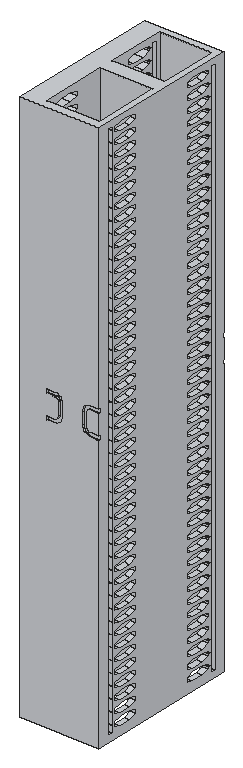
Revit family
Parameters
  Material ID = "760089367\r\n"
  Description = "Vertical Cable Management Kit, 10in X 84in (254mm X 2134mm) Double Sided, With Doors, Black"
Reference planes (in)
  plane 1 "Center (Front/Back)": y = 0
  plane 2: z = 0
  plane 3 "Center (Left/Right)": x = 0
Forms (in)
  Extrusion 1, void, not visible
    sketch origin (0, 0, 0) x (1, 0, 0) y (0, 0, 1)
      loop
        line (-7.85662, 0.48089) -> (-7.85662, -0.39002) -> (-7.67285, -0.39002) -> (-7.67285, -0.64002) -> (-7.0736, -0.64002) -> (-7.0736, -0.39002) -> (-6.92978, -0.39002) -> (-6.92978, 0.48089) -> (-7.85662, 0.48089)
    from -3.79215 to 12
  Extrusion 2, void, not visible
    sketch origin (0, 0, 0) x (1, 0, 0) y (0, 0, 1)
      loop
        line (-8.21397, 0.42583) -> (-8.21397, -0.07417) -> (-8.08657, -0.07417) -> (-8.08657, -0.27417) -> (-7.83657, -0.27417) -> (-7.83657, -0.07417) -> (-7.72497, -0.07417) -> (-7.72497, 0.42583) -> (-8.21397, 0.42583)
    from 0.74059 to 3.34334
  Extrusion 3, solid
    sketch origin (0, 0, 0) x (1, 0, 0) y (0, 0, 1)
      loop
        line (-8, 42) -> (-8, -42) -> (4, -42) -> (4, 42) -> (-8, 42)
    from 0 to 23.5
  Extrusion 4, void
    sketch origin (-5.59283, 0, 42) x (0, 1, 0) y (1, 0, 0)
      loop
        line (-1, 0.69283) -> (-1, 8.74283) -> (-10, 8.74283) -> (-10, 0.69283) -> (-1, 0.69283)
      loop
        line (-12.25, 0.69283) -> (-12.25, 8.74283) -> (-22.25, 8.74283) -> (-22.25, 0.69283) -> (-12.25, 0.69283)
    from 0 to 110
  Extrusion 5, void
    sketch origin (4, 0, 20.63333) x (0, 0, 1) y (0, 1, 0)
      loop
        line (-61.63333, -2.51) -> (20.53667, -2.51) -> (20.53667, -1.54) -> (-61.63333, -1.54) -> (-61.63333, -2.51)
      loop
        line (-61.63333, -20.99) -> (-61.63333, -21.96) -> (20.53667, -21.96) -> (20.53667, -20.99) -> (-61.63333, -20.99)
    from 0 to 12
  Extrusion 6, void
    sketch origin (4, 0, 20.63333) x (0, 0, 1) y (0, 1, 0)
      loop
        line (20.18661, -6.98) -> (20.53667, -5.835) -> (20.53667, -4.905) -> (20.53667, -3.975) -> (20.18661, -2.83) -> (19.91167, -2.83) -> (19.91167, -2.2587) -> (19.81167, -2.2587) -> (19.81167, -2.83) -> (19.53673, -2.83) -> (19.18667, -3.975) -> (19.18667, -5.835) -> (19.53673, -6.98) -> (20.18661, -6.98)
      loop
        line (18.43661, -6.98) -> (18.78667, -5.835) -> (18.78667, -4.905) -> (18.78667, -3.975) -> (18.43661, -2.83) -> (18.16167, -2.83) -> (18.16167, -2.2587) -> (18.06167, -2.2587) -> (18.06167, -2.83) -> (17.78673, -2.83) -> (17.43667, -3.975) -> (17.43667, -5.835) -> (17.78673, -6.98) -> (18.43661, -6.98)
      loop
        line (16.68661, -6.98) -> (17.03667, -5.835) -> (17.03667, -4.905) -> (17.03667, -3.975) -> (16.68661, -2.83) -> (16.41167, -2.83) -> (16.41167, -2.2587) -> (16.31167, -2.2587) -> (16.31167, -2.83) -> (16.03673, -2.83) -> (15.68667, -3.975) -> (15.68667, -5.835) -> (16.03673, -6.98) -> (16.68661, -6.98)
      loop
        line (14.93661, -6.98) -> (15.28667, -5.835) -> (15.28667, -4.905) -> (15.28667, -3.975) -> (14.93661, -2.83) -> (14.66167, -2.83) -> (14.66167, -2.2587) -> (14.56167, -2.2587) -> (14.56167, -2.83) -> (14.28673, -2.83) -> (13.93667, -3.975) -> (13.93667, -5.835) -> (14.28673, -6.98) -> (14.93661, -6.98)
      loop
        line (13.18661, -6.98) -> (13.53667, -5.835) -> (13.53667, -4.905) -> (13.53667, -3.975) -> (13.18661, -2.83) -> (12.91167, -2.83) -> (12.91167, -2.2587) -> (12.81167, -2.2587) -> (12.81167, -2.83) -> (12.53673, -2.83) -> (12.18667, -3.975) -> (12.18667, -5.835) -> (12.53673, -6.98) -> (13.18661, -6.98)
      loop
        line (11.43661, -6.98) -> (11.78667, -5.835) -> (11.78667, -4.905) -> (11.78667, -3.975) -> (11.43661, -2.83) -> (11.16167, -2.83) -> (11.16167, -2.2587) -> (11.06167, -2.2587) -> (11.06167, -2.83) -> (10.78673, -2.83) -> (10.43667, -3.975) -> (10.43667, -5.835) -> (10.78673, -6.98) -> (11.43661, -6.98)
      loop
        line (9.68661, -6.98) -> (10.03667, -5.835) -> (10.03667, -4.905) -> (10.03667, -3.975) -> (9.68661, -2.83) -> (9.41167, -2.83) -> (9.41167, -2.2587) -> (9.31167, -2.2587) -> (9.31167, -2.83) -> (9.03673, -2.83) -> (8.68667, -3.975) -> (8.68667, -5.835) -> (9.03673, -6.98) -> (9.68661, -6.98)
      loop
        line (7.93661, -6.98) -> (8.28667, -5.835) -> (8.28667, -4.905) -> (8.28667, -3.975) -> (7.93661, -2.83) -> (7.66167, -2.83) -> (7.66167, -2.2587) -> (7.56167, -2.2587) -> (7.56167, -2.83) -> (7.28673, -2.83) -> (6.93667, -3.975) -> (6.93667, -5.835) -> (7.28673, -6.98) -> (7.93661, -6.98)
      loop
        line (6.18661, -6.98) -> (6.53667, -5.835) -> (6.53667, -4.905) -> (6.53667, -3.975) -> (6.18661, -2.83) -> (5.91167, -2.83) -> (5.91167, -2.2587) -> (5.81167, -2.2587) -> (5.81167, -2.83) -> (5.53673, -2.83) -> (5.18667, -3.975) -> (5.18667, -5.835) -> (5.53673, -6.98) -> (6.18661, -6.98)
      loop
        line (4.43661, -6.98) -> (4.78667, -5.835) -> (4.78667, -4.905) -> (4.78667, -3.975) -> (4.43661, -2.83) -> (4.16167, -2.83) -> (4.16167, -2.2587) -> (4.06167, -2.2587) -> (4.06167, -2.83) -> (3.78673, -2.83) -> (3.43667, -3.975) -> (3.43667, -5.835) -> (3.78673, -6.98) -> (4.43661, -6.98)
      loop
        line (2.68661, -6.98) -> (3.03667, -5.835) -> (3.03667, -4.905) -> (3.03667, -3.975) -> (2.68661, -2.83) -> (2.41167, -2.83) -> (2.41167, -2.2587) -> (2.31167, -2.2587) -> (2.31167, -2.83) -> (2.03673, -2.83) -> (1.68667, -3.975) -> (1.68667, -5.835) -> (2.03673, -6.98) -> (2.68661, -6.98)
      loop
        line (0.93661, -6.98) -> (1.28667, -5.835) -> (1.28667, -4.905) -> (1.28667, -3.975) -> (0.93661, -2.83) -> (0.66167, -2.83) -> (0.66167, -2.2587) -> (0.56167, -2.2587) -> (0.56167, -2.83) -> (0.28673, -2.83) -> (-0.06333, -3.975) -> (-0.06333, -5.835) -> (0.28673, -6.98) -> (0.93661, -6.98)
      loop
        line (-0.81339, -6.98) -> (-0.46333, -5.835) -> (-0.46333, -4.905) -> (-0.46333, -3.975) -> (-0.81339, -2.83) -> (-1.08833, -2.83) -> (-1.08833, -2.2587) -> (-1.18833, -2.2587) -> (-1.18833, -2.83) -> (-1.46327, -2.83) -> (-1.81333, -3.975) -> (-1.81333, -5.835) -> (-1.46327, -6.98) -> (-0.81339, -6.98)
      loop
        line (-2.56339, -6.98) -> (-2.21333, -5.835) -> (-2.21333, -4.905) -> (-2.21333, -3.975) -> (-2.56339, -2.83) -> (-2.83833, -2.83) -> (-2.83833, -2.2587) -> (-2.93833, -2.2587) -> (-2.93833, -2.83) -> (-3.21327, -2.83) -> (-3.56333, -3.975) -> (-3.56333, -5.835) -> (-3.21327, -6.98) -> (-2.56339, -6.98)
      loop
        line (-4.31339, -6.98) -> (-3.96333, -5.835) -> (-3.96333, -4.905) -> (-3.96333, -3.975) -> (-4.31339, -2.83) -> (-4.58833, -2.83) -> (-4.58833, -2.2587) -> (-4.68833, -2.2587) -> (-4.68833, -2.83) -> (-4.96327, -2.83) -> (-5.31333, -3.975) -> (-5.31333, -5.835) -> (-4.96327, -6.98) -> (-4.31339, -6.98)
      loop
        line (-6.06339, -6.98) -> (-5.71333, -5.835) -> (-5.71333, -4.905) -> (-5.71333, -3.975) -> (-6.06339, -2.83) -> (-6.33833, -2.83) -> (-6.33833, -2.2587) -> (-6.43833, -2.2587) -> (-6.43833, -2.83) -> (-6.71327, -2.83) -> (-7.06333, -3.975) -> (-7.06333, -5.835) -> (-6.71327, -6.98) -> (-6.06339, -6.98)
      loop
        line (-7.81339, -6.98) -> (-7.46333, -5.835) -> (-7.46333, -4.905) -> (-7.46333, -3.975) -> (-7.81339, -2.83) -> (-8.08833, -2.83) -> (-8.08833, -2.2587) -> (-8.18833, -2.2587) -> (-8.18833, -2.83) -> (-8.46327, -2.83) -> (-8.81333, -3.975) -> (-8.81333, -5.835) -> (-8.46327, -6.98) -> (-7.81339, -6.98)
      loop
        line (-9.56339, -6.98) -> (-9.21333, -5.835) -> (-9.21333, -4.905) -> (-9.21333, -3.975) -> (-9.56339, -2.83) -> (-9.83833, -2.83) -> (-9.83833, -2.2587) -> (-9.93833, -2.2587) -> (-9.93833, -2.83) -> (-10.21327, -2.83) -> (-10.56333, -3.975) -> (-10.56333, -5.835) -> (-10.21327, -6.98) -> (-9.56339, -6.98)
      loop
        line (-11.31339, -6.98) -> (-10.96333, -5.835) -> (-10.96333, -4.905) -> (-10.96333, -3.975) -> (-11.31339, -2.83) -> (-11.58833, -2.83) -> (-11.58833, -2.2587) -> (-11.68833, -2.2587) -> (-11.68833, -2.83) -> (-11.96327, -2.83) -> (-12.31333, -3.975) -> (-12.31333, -5.835) -> (-11.96327, -6.98) -> (-11.31339, -6.98)
      loop
        line (-13.06339, -6.98) -> (-12.71333, -5.835) -> (-12.71333, -4.905) -> (-12.71333, -3.975) -> (-13.06339, -2.83) -> (-13.33833, -2.83) -> (-13.33833, -2.2587) -> (-13.43833, -2.2587) -> (-13.43833, -2.83) -> (-13.71327, -2.83) -> (-14.06333, -3.975) -> (-14.06333, -5.835) -> (-13.71327, -6.98) -> (-13.06339, -6.98)
      loop
        line (-14.81339, -6.98) -> (-14.46333, -5.835) -> (-14.46333, -4.905) -> (-14.46333, -3.975) -> (-14.81339, -2.83) -> (-15.08833, -2.83) -> (-15.08833, -2.2587) -> (-15.18833, -2.2587) -> (-15.18833, -2.83) -> (-15.46327, -2.83) -> (-15.81333, -3.975) -> (-15.81333, -5.835) -> (-15.46327, -6.98) -> (-14.81339, -6.98)
      loop
        line (-16.56339, -6.98) -> (-16.21333, -5.835) -> (-16.21333, -4.905) -> (-16.21333, -3.975) -> (-16.56339, -2.83) -> (-16.83833, -2.83) -> (-16.83833, -2.2587) -> (-16.93833, -2.2587) -> (-16.93833, -2.83) -> (-17.21327, -2.83) -> (-17.56333, -3.975) -> (-17.56333, -5.835) -> (-17.21327, -6.98) -> (-16.56339, -6.98)
      loop
        line (-18.31339, -6.98) -> (-17.96333, -5.835) -> (-17.96333, -4.905) -> (-17.96333, -3.975) -> (-18.31339, -2.83) -> (-18.58833, -2.83) -> (-18.58833, -2.2587) -> (-18.68833, -2.2587) -> (-18.68833, -2.83) -> (-18.96327, -2.83) -> (-19.31333, -3.975) -> (-19.31333, -5.835) -> (-18.96327, -6.98) -> (-18.31339, -6.98)
      loop
        line (-20.06339, -6.98) -> (-19.71333, -5.835) -> (-19.71333, -4.905) -> (-19.71333, -3.975) -> (-20.06339, -2.83) -> (-20.33833, -2.83) -> (-20.33833, -2.2587) -> (-20.43833, -2.2587) -> (-20.43833, -2.83) -> (-20.71327, -2.83) -> (-21.06333, -3.975) -> (-21.06333, -5.835) -> (-20.71327, -6.98) -> (-20.06339, -6.98)
      loop
        line (-21.81339, -6.98) -> (-21.46333, -5.835) -> (-21.46333, -4.905) -> (-21.46333, -3.975) -> (-21.81339, -2.83) -> (-22.08833, -2.83) -> (-22.08833, -2.2587) -> (-22.18833, -2.2587) -> (-22.18833, -2.83) -> (-22.46327, -2.83) -> (-22.81333, -3.975) -> (-22.81333, -5.835) -> (-22.46327, -6.98) -> (-21.81339, -6.98)
      loop
        line (-23.56339, -6.98) -> (-23.21333, -5.835) -> (-23.21333, -4.905) -> (-23.21333, -3.975) -> (-23.56339, -2.83) -> (-23.83833, -2.83) -> (-23.83833, -2.2587) -> (-23.93833, -2.2587) -> (-23.93833, -2.83) -> (-24.21327, -2.83) -> (-24.56333, -3.975) -> (-24.56333, -5.835) -> (-24.21327, -6.98) -> (-23.56339, -6.98)
      loop
        line (-25.31339, -6.98) -> (-24.96333, -5.835) -> (-24.96333, -4.905) -> (-24.96333, -3.975) -> (-25.31339, -2.83) -> (-25.58833, -2.83) -> (-25.58833, -2.2587) -> (-25.68833, -2.2587) -> (-25.68833, -2.83) -> (-25.96327, -2.83) -> (-26.31333, -3.975) -> (-26.31333, -5.835) -> (-25.96327, -6.98) -> (-25.31339, -6.98)
      loop
        line (-27.06339, -6.98) -> (-26.71333, -5.835) -> (-26.71333, -4.905) -> (-26.71333, -3.975) -> (-27.06339, -2.83) -> (-27.33833, -2.83) -> (-27.33833, -2.2587) -> (-27.43833, -2.2587) -> (-27.43833, -2.83) -> (-27.71327, -2.83) -> (-28.06333, -3.975) -> (-28.06333, -5.835) -> (-27.71327, -6.98) -> (-27.06339, -6.98)
      loop
        line (-28.81339, -6.98) -> (-28.46333, -5.835) -> (-28.46333, -4.905) -> (-28.46333, -3.975) -> (-28.81339, -2.83) -> (-29.08833, -2.83) -> (-29.08833, -2.2587) -> (-29.18833, -2.2587) -> (-29.18833, -2.83) -> (-29.46327, -2.83) -> (-29.81333, -3.975) -> (-29.81333, -5.835) -> (-29.46327, -6.98) -> (-28.81339, -6.98)
      loop
        line (-30.56339, -6.98) -> (-30.21333, -5.835) -> (-30.21333, -4.905) -> (-30.21333, -3.975) -> (-30.56339, -2.83) -> (-30.83833, -2.83) -> (-30.83833, -2.2587) -> (-30.93833, -2.2587) -> (-30.93833, -2.83) -> (-31.21327, -2.83) -> (-31.56333, -3.975) -> (-31.56333, -5.835) -> (-31.21327, -6.98) -> (-30.56339, -6.98)
      loop
        line (-32.31339, -6.98) -> (-31.96333, -5.835) -> (-31.96333, -4.905) -> (-31.96333, -3.975) -> (-32.31339, -2.83) -> (-32.58833, -2.83) -> (-32.58833, -2.2587) -> (-32.68833, -2.2587) -> (-32.68833, -2.83) -> (-32.96327, -2.83) -> (-33.31333, -3.975) -> (-33.31333, -5.835) -> (-32.96327, -6.98) -> (-32.31339, -6.98)
      loop
        line (-34.06339, -6.98) -> (-33.71333, -5.835) -> (-33.71333, -4.905) -> (-33.71333, -3.975) -> (-34.06339, -2.83) -> (-34.33833, -2.83) -> (-34.33833, -2.2587) -> (-34.43833, -2.2587) -> (-34.43833, -2.83) -> (-34.71327, -2.83) -> (-35.06333, -3.975) -> (-35.06333, -5.835) -> (-34.71327, -6.98) -> (-34.06339, -6.98)
      loop
        line (-35.81339, -6.98) -> (-35.46333, -5.835) -> (-35.46333, -4.905) -> (-35.46333, -3.975) -> (-35.81339, -2.83) -> (-36.08833, -2.83) -> (-36.08833, -2.2587) -> (-36.18833, -2.2587) -> (-36.18833, -2.83) -> (-36.46327, -2.83) -> (-36.81333, -3.975) -> (-36.81333, -5.835) -> (-36.46327, -6.98) -> (-35.81339, -6.98)
      loop
        line (-37.56339, -6.98) -> (-37.21333, -5.835) -> (-37.21333, -4.905) -> (-37.21333, -3.975) -> (-37.56339, -2.83) -> (-37.83833, -2.83) -> (-37.83833, -2.2587) -> (-37.93833, -2.2587) -> (-37.93833, -2.83) -> (-38.21327, -2.83) -> (-38.56333, -3.975) -> (-38.56333, -5.835) -> (-38.21327, -6.98) -> (-37.56339, -6.98)
      loop
        line (-39.31339, -6.98) -> (-38.96333, -5.835) -> (-38.96333, -4.905) -> (-38.96333, -3.975) -> (-39.31339, -2.83) -> (-39.58833, -2.83) -> (-39.58833, -2.2587) -> (-39.68833, -2.2587) -> (-39.68833, -2.83) -> (-39.96327, -2.83) -> (-40.31333, -3.975) -> (-40.31333, -5.835) -> (-39.96327, -6.98) -> (-39.31339, -6.98)
      loop
        line (-41.06339, -6.98) -> (-40.71333, -5.835) -> (-40.71333, -4.905) -> (-40.71333, -3.975) -> (-41.06339, -2.83) -> (-41.33833, -2.83) -> (-41.33833, -2.2587) -> (-41.43833, -2.2587) -> (-41.43833, -2.83) -> (-41.71327, -2.83) -> (-42.06333, -3.975) -> (-42.06333, -5.835) -> (-41.71327, -6.98) -> (-41.06339, -6.98)
      loop
        line (-42.81339, -6.98) -> (-42.46333, -5.835) -> (-42.46333, -4.905) -> (-42.46333, -3.975) -> (-42.81339, -2.83) -> (-43.08833, -2.83) -> (-43.08833, -2.2587) -> (-43.18833, -2.2587) -> (-43.18833, -2.83) -> (-43.46327, -2.83) -> (-43.81333, -3.975) -> (-43.81333, -5.835) -> (-43.46327, -6.98) -> (-42.81339, -6.98)
      loop
        line (-44.56339, -6.98) -> (-44.21333, -5.835) -> (-44.21333, -4.905) -> (-44.21333, -3.975) -> (-44.56339, -2.83) -> (-44.83833, -2.83) -> (-44.83833, -2.2587) -> (-44.93833, -2.2587) -> (-44.93833, -2.83) -> (-45.21327, -2.83) -> (-45.56333, -3.975) -> (-45.56333, -5.835) -> (-45.21327, -6.98) -> (-44.56339, -6.98)
      loop
        line (-46.31339, -6.98) -> (-45.96333, -5.835) -> (-45.96333, -4.905) -> (-45.96333, -3.975) -> (-46.31339, -2.83) -> (-46.58833, -2.83) -> (-46.58833, -2.2587) -> (-46.68833, -2.2587) -> (-46.68833, -2.83) -> (-46.96327, -2.83) -> (-47.31333, -3.975) -> (-47.31333, -5.835) -> (-46.96327, -6.98) -> (-46.31339, -6.98)
      loop
        line (-48.06339, -6.98) -> (-47.71333, -5.835) -> (-47.71333, -4.905) -> (-47.71333, -3.975) -> (-48.06339, -2.83) -> (-48.33833, -2.83) -> (-48.33833, -2.2587) -> (-48.43833, -2.2587) -> (-48.43833, -2.83) -> (-48.71327, -2.83) -> (-49.06333, -3.975) -> (-49.06333, -5.835) -> (-48.71327, -6.98) -> (-48.06339, -6.98)
      loop
        line (-49.81339, -6.98) -> (-49.46333, -5.835) -> (-49.46333, -4.905) -> (-49.46333, -3.975) -> (-49.81339, -2.83) -> (-50.08833, -2.83) -> (-50.08833, -2.2587) -> (-50.18833, -2.2587) -> (-50.18833, -2.83) -> (-50.46327, -2.83) -> (-50.81333, -3.975) -> (-50.81333, -5.835) -> (-50.46327, -6.98) -> (-49.81339, -6.98)
      loop
        line (-51.56339, -6.98) -> (-51.21333, -5.835) -> (-51.21333, -4.905) -> (-51.21333, -3.975) -> (-51.56339, -2.83) -> (-51.83833, -2.83) -> (-51.83833, -2.2587) -> (-51.93833, -2.2587) -> (-51.93833, -2.83) -> (-52.21327, -2.83) -> (-52.56333, -3.975) -> (-52.56333, -5.835) -> (-52.21327, -6.98) -> (-51.56339, -6.98)
      loop
        line (-53.31339, -6.98) -> (-52.96333, -5.835) -> (-52.96333, -4.905) -> (-52.96333, -3.975) -> (-53.31339, -2.83) -> (-53.58833, -2.83) -> (-53.58833, -2.2587) -> (-53.68833, -2.2587) -> (-53.68833, -2.83) -> (-53.96327, -2.83) -> (-54.31333, -3.975) -> (-54.31333, -5.835) -> (-53.96327, -6.98) -> (-53.31339, -6.98)
      loop
        line (-55.06339, -6.98) -> (-54.71333, -5.835) -> (-54.71333, -4.905) -> (-54.71333, -3.975) -> (-55.06339, -2.83) -> (-55.33833, -2.83) -> (-55.33833, -2.2587) -> (-55.43833, -2.2587) -> (-55.43833, -2.83) -> (-55.71327, -2.83) -> (-56.06333, -3.975) -> (-56.06333, -5.835) -> (-55.71327, -6.98) -> (-55.06339, -6.98)
      loop
        line (-56.81339, -6.98) -> (-56.46333, -5.835) -> (-56.46333, -4.905) -> (-56.46333, -3.975) -> (-56.81339, -2.83) -> (-57.08833, -2.83) -> (-57.08833, -2.2587) -> (-57.18833, -2.2587) -> (-57.18833, -2.83) -> (-57.46327, -2.83) -> (-57.81333, -3.975) -> (-57.81333, -5.835) -> (-57.46327, -6.98) -> (-56.81339, -6.98)
      loop
        line (-58.56339, -6.98) -> (-58.21333, -5.835) -> (-58.21333, -4.905) -> (-58.21333, -3.975) -> (-58.56339, -2.83) -> (-58.83833, -2.83) -> (-58.83833, -2.2587) -> (-58.93833, -2.2587) -> (-58.93833, -2.83) -> (-59.21327, -2.83) -> (-59.56333, -3.975) -> (-59.56333, -5.835) -> (-59.21327, -6.98) -> (-58.56339, -6.98)
      loop
        line (-60.31339, -6.98) -> (-59.96333, -5.835) -> (-59.96333, -4.905) -> (-59.96333, -3.975) -> (-60.31339, -2.83) -> (-60.58833, -2.83) -> (-60.58833, -2.2587) -> (-60.68833, -2.2587) -> (-60.68833, -2.83) -> (-60.96327, -2.83) -> (-61.31333, -3.975) -> (-61.31333, -5.835) -> (-60.96327, -6.98) -> (-60.31339, -6.98)
      loop
        line (20.18661, -16.52) -> (19.53673, -16.52) -> (19.18667, -17.665) -> (19.18667, -19.525) -> (19.53673, -20.67) -> (19.81167, -20.67) -> (19.81167, -21.2413) -> (19.91167, -21.2413) -> (19.91167, -20.67) -> (20.18661, -20.67) -> (20.53667, -19.525) -> (20.53667, -18.595) -> (20.53667, -17.665) -> (20.18661, -16.52)
      loop
        line (18.43661, -16.52) -> (17.78673, -16.52) -> (17.43667, -17.665) -> (17.43667, -19.525) -> (17.78673, -20.67) -> (18.06167, -20.67) -> (18.06167, -21.2413) -> (18.16167, -21.2413) -> (18.16167, -20.67) -> (18.43661, -20.67) -> (18.78667, -19.525) -> (18.78667, -18.595) -> (18.78667, -17.665) -> (18.43661, -16.52)
      loop
        line (16.68661, -16.52) -> (16.03673, -16.52) -> (15.68667, -17.665) -> (15.68667, -19.525) -> (16.03673, -20.67) -> (16.31167, -20.67) -> (16.31167, -21.2413) -> (16.41167, -21.2413) -> (16.41167, -20.67) -> (16.68661, -20.67) -> (17.03667, -19.525) -> (17.03667, -18.595) -> (17.03667, -17.665) -> (16.68661, -16.52)
      loop
        line (14.93661, -16.52) -> (14.28673, -16.52) -> (13.93667, -17.665) -> (13.93667, -19.525) -> (14.28673, -20.67) -> (14.56167, -20.67) -> (14.56167, -21.2413) -> (14.66167, -21.2413) -> (14.66167, -20.67) -> (14.93661, -20.67) -> (15.28667, -19.525) -> (15.28667, -18.595) -> (15.28667, -17.665) -> (14.93661, -16.52)
      loop
        line (13.18661, -16.52) -> (12.53673, -16.52) -> (12.18667, -17.665) -> (12.18667, -19.525) -> (12.53673, -20.67) -> (12.81167, -20.67) -> (12.81167, -21.2413) -> (12.91167, -21.2413) -> (12.91167, -20.67) -> (13.18661, -20.67) -> (13.53667, -19.525) -> (13.53667, -18.595) -> (13.53667, -17.665) -> (13.18661, -16.52)
      loop
        line (11.43661, -16.52) -> (10.78673, -16.52) -> (10.43667, -17.665) -> (10.43667, -19.525) -> (10.78673, -20.67) -> (11.06167, -20.67) -> (11.06167, -21.2413) -> (11.16167, -21.2413) -> (11.16167, -20.67) -> (11.43661, -20.67) -> (11.78667, -19.525) -> (11.78667, -18.595) -> (11.78667, -17.665) -> (11.43661, -16.52)
      loop
        line (9.68661, -16.52) -> (9.03673, -16.52) -> (8.68667, -17.665) -> (8.68667, -19.525) -> (9.03673, -20.67) -> (9.31167, -20.67) -> (9.31167, -21.2413) -> (9.41167, -21.2413) -> (9.41167, -20.67) -> (9.68661, -20.67) -> (10.03667, -19.525) -> (10.03667, -18.595) -> (10.03667, -17.665) -> (9.68661, -16.52)
      loop
        line (7.93661, -16.52) -> (7.28673, -16.52) -> (6.93667, -17.665) -> (6.93667, -19.525) -> (7.28673, -20.67) -> (7.56167, -20.67) -> (7.56167, -21.2413) -> (7.66167, -21.2413) -> (7.66167, -20.67) -> (7.93661, -20.67) -> (8.28667, -19.525) -> (8.28667, -18.595) -> (8.28667, -17.665) -> (7.93661, -16.52)
      loop
        line (6.18661, -16.52) -> (5.53673, -16.52) -> (5.18667, -17.665) -> (5.18667, -19.525) -> (5.53673, -20.67) -> (5.81167, -20.67) -> (5.81167, -21.2413) -> (5.91167, -21.2413) -> (5.91167, -20.67) -> (6.18661, -20.67) -> (6.53667, -19.525) -> (6.53667, -18.595) -> (6.53667, -17.665) -> (6.18661, -16.52)
      loop
        line (4.43661, -16.52) -> (3.78673, -16.52) -> (3.43667, -17.665) -> (3.43667, -19.525) -> (3.78673, -20.67) -> (4.06167, -20.67) -> (4.06167, -21.2413) -> (4.16167, -21.2413) -> (4.16167, -20.67) -> (4.43661, -20.67) -> (4.78667, -19.525) -> (4.78667, -18.595) -> (4.78667, -17.665) -> (4.43661, -16.52)
      loop
        line (2.68661, -16.52) -> (2.03673, -16.52) -> (1.68667, -17.665) -> (1.68667, -19.525) -> (2.03673, -20.67) -> (2.31167, -20.67) -> (2.31167, -21.2413) -> (2.41167, -21.2413) -> (2.41167, -20.67) -> (2.68661, -20.67) -> (3.03667, -19.525) -> (3.03667, -18.595) -> (3.03667, -17.665) -> (2.68661, -16.52)
      loop
        line (0.93661, -16.52) -> (0.28673, -16.52) -> (-0.06333, -17.665) -> (-0.06333, -19.525) -> (0.28673, -20.67) -> (0.56167, -20.67) -> (0.56167, -21.2413) -> (0.66167, -21.2413) -> (0.66167, -20.67) -> (0.93661, -20.67) -> (1.28667, -19.525) -> (1.28667, -18.595) -> (1.28667, -17.665) -> (0.93661, -16.52)
      loop
        line (-0.81339, -16.52) -> (-1.46327, -16.52) -> (-1.81333, -17.665) -> (-1.81333, -19.525) -> (-1.46327, -20.67) -> (-1.18833, -20.67) -> (-1.18833, -21.2413) -> (-1.08833, -21.2413) -> (-1.08833, -20.67) -> (-0.81339, -20.67) -> (-0.46333, -19.525) -> (-0.46333, -18.595) -> (-0.46333, -17.665) -> (-0.81339, -16.52)
      loop
        line (-2.56339, -16.52) -> (-3.21327, -16.52) -> (-3.56333, -17.665) -> (-3.56333, -19.525) -> (-3.21327, -20.67) -> (-2.93833, -20.67) -> (-2.93833, -21.2413) -> (-2.83833, -21.2413) -> (-2.83833, -20.67) -> (-2.56339, -20.67) -> (-2.21333, -19.525) -> (-2.21333, -18.595) -> (-2.21333, -17.665) -> (-2.56339, -16.52)
      loop
        line (-4.31339, -16.52) -> (-4.96327, -16.52) -> (-5.31333, -17.665) -> (-5.31333, -19.525) -> (-4.96327, -20.67) -> (-4.68833, -20.67) -> (-4.68833, -21.2413) -> (-4.58833, -21.2413) -> (-4.58833, -20.67) -> (-4.31339, -20.67) -> (-3.96333, -19.525) -> (-3.96333, -18.595) -> (-3.96333, -17.665) -> (-4.31339, -16.52)
      loop
        line (-6.06339, -16.52) -> (-6.71327, -16.52) -> (-7.06333, -17.665) -> (-7.06333, -19.525) -> (-6.71327, -20.67) -> (-6.43833, -20.67) -> (-6.43833, -21.2413) -> (-6.33833, -21.2413) -> (-6.33833, -20.67) -> (-6.06339, -20.67) -> (-5.71333, -19.525) -> (-5.71333, -18.595) -> (-5.71333, -17.665) -> (-6.06339, -16.52)
      loop
        line (-7.81339, -16.52) -> (-8.46327, -16.52) -> (-8.81333, -17.665) -> (-8.81333, -19.525) -> (-8.46327, -20.67) -> (-8.18833, -20.67) -> (-8.18833, -21.2413) -> (-8.08833, -21.2413) -> (-8.08833, -20.67) -> (-7.81339, -20.67) -> (-7.46333, -19.525) -> (-7.46333, -18.595) -> (-7.46333, -17.665) -> (-7.81339, -16.52)
      loop
        line (-9.56339, -16.52) -> (-10.21327, -16.52) -> (-10.56333, -17.665) -> (-10.56333, -19.525) -> (-10.21327, -20.67) -> (-9.93833, -20.67) -> (-9.93833, -21.2413) -> (-9.83833, -21.2413) -> (-9.83833, -20.67) -> (-9.56339, -20.67) -> (-9.21333, -19.525) -> (-9.21333, -18.595) -> (-9.21333, -17.665) -> (-9.56339, -16.52)
      loop
        line (-11.31339, -16.52) -> (-11.96327, -16.52) -> (-12.31333, -17.665) -> (-12.31333, -19.525) -> (-11.96327, -20.67) -> (-11.68833, -20.67) -> (-11.68833, -21.2413) -> (-11.58833, -21.2413) -> (-11.58833, -20.67) -> (-11.31339, -20.67) -> (-10.96333, -19.525) -> (-10.96333, -18.595) -> (-10.96333, -17.665) -> (-11.31339, -16.52)
      loop
        line (-13.06339, -16.52) -> (-13.71327, -16.52) -> (-14.06333, -17.665) -> (-14.06333, -19.525) -> (-13.71327, -20.67) -> (-13.43833, -20.67) -> (-13.43833, -21.2413) -> (-13.33833, -21.2413) -> (-13.33833, -20.67) -> (-13.06339, -20.67) -> (-12.71333, -19.525) -> (-12.71333, -18.595) -> (-12.71333, -17.665) -> (-13.06339, -16.52)
      loop
        line (-14.81339, -16.52) -> (-15.46327, -16.52) -> (-15.81333, -17.665) -> (-15.81333, -19.525) -> (-15.46327, -20.67) -> (-15.18833, -20.67) -> (-15.18833, -21.2413) -> (-15.08833, -21.2413) -> (-15.08833, -20.67) -> (-14.81339, -20.67) -> (-14.46333, -19.525) -> (-14.46333, -18.595) -> (-14.46333, -17.665) -> (-14.81339, -16.52)
      loop
        line (-16.56339, -16.52) -> (-17.21327, -16.52) -> (-17.56333, -17.665) -> (-17.56333, -19.525) -> (-17.21327, -20.67) -> (-16.93833, -20.67) -> (-16.93833, -21.2413) -> (-16.83833, -21.2413) -> (-16.83833, -20.67) -> (-16.56339, -20.67) -> (-16.21333, -19.525) -> (-16.21333, -18.595) -> (-16.21333, -17.665) -> (-16.56339, -16.52)
      loop
        line (-18.31339, -16.52) -> (-18.96327, -16.52) -> (-19.31333, -17.665) -> (-19.31333, -19.525) -> (-18.96327, -20.67) -> (-18.68833, -20.67) -> (-18.68833, -21.2413) -> (-18.58833, -21.2413) -> (-18.58833, -20.67) -> (-18.31339, -20.67) -> (-17.96333, -19.525) -> (-17.96333, -18.595) -> (-17.96333, -17.665) -> (-18.31339, -16.52)
      loop
        line (-20.06339, -16.52) -> (-20.71327, -16.52) -> (-21.06333, -17.665) -> (-21.06333, -19.525) -> (-20.71327, -20.67) -> (-20.43833, -20.67) -> (-20.43833, -21.2413) -> (-20.33833, -21.2413) -> (-20.33833, -20.67) -> (-20.06339, -20.67) -> (-19.71333, -19.525) -> (-19.71333, -18.595) -> (-19.71333, -17.665) -> (-20.06339, -16.52)
      loop
        line (-21.81339, -16.52) -> (-22.46327, -16.52) -> (-22.81333, -17.665) -> (-22.81333, -19.525) -> (-22.46327, -20.67) -> (-22.18833, -20.67) -> (-22.18833, -21.2413) -> (-22.08833, -21.2413) -> (-22.08833, -20.67) -> (-21.81339, -20.67) -> (-21.46333, -19.525) -> (-21.46333, -18.595) -> (-21.46333, -17.665) -> (-21.81339, -16.52)
      loop
        line (-23.56339, -16.52) -> (-24.21327, -16.52) -> (-24.56333, -17.665) -> (-24.56333, -19.525) -> (-24.21327, -20.67) -> (-23.93833, -20.67) -> (-23.93833, -21.2413) -> (-23.83833, -21.2413) -> (-23.83833, -20.67) -> (-23.56339, -20.67) -> (-23.21333, -19.525) -> (-23.21333, -18.595) -> (-23.21333, -17.665) -> (-23.56339, -16.52)
      loop
        line (-25.31339, -16.52) -> (-25.96327, -16.52) -> (-26.31333, -17.665) -> (-26.31333, -19.525) -> (-25.96327, -20.67) -> (-25.68833, -20.67) -> (-25.68833, -21.2413) -> (-25.58833, -21.2413) -> (-25.58833, -20.67) -> (-25.31339, -20.67) -> (-24.96333, -19.525) -> (-24.96333, -18.595) -> (-24.96333, -17.665) -> (-25.31339, -16.52)
      loop
        line (-27.06339, -16.52) -> (-27.71327, -16.52) -> (-28.06333, -17.665) -> (-28.06333, -19.525) -> (-27.71327, -20.67) -> (-27.43833, -20.67) -> (-27.43833, -21.2413) -> (-27.33833, -21.2413) -> (-27.33833, -20.67) -> (-27.06339, -20.67) -> (-26.71333, -19.525) -> (-26.71333, -18.595) -> (-26.71333, -17.665) -> (-27.06339, -16.52)
      loop
        line (-28.81339, -16.52) -> (-29.46327, -16.52) -> (-29.81333, -17.665) -> (-29.81333, -19.525) -> (-29.46327, -20.67) -> (-29.18833, -20.67) -> (-29.18833, -21.2413) -> (-29.08833, -21.2413) -> (-29.08833, -20.67) -> (-28.81339, -20.67) -> (-28.46333, -19.525) -> (-28.46333, -18.595) -> (-28.46333, -17.665) -> (-28.81339, -16.52)
      loop
        line (-30.56339, -16.52) -> (-31.21327, -16.52) -> (-31.56333, -17.665) -> (-31.56333, -19.525) -> (-31.21327, -20.67) -> (-30.93833, -20.67) -> (-30.93833, -21.2413) -> (-30.83833, -21.2413) -> (-30.83833, -20.67) -> (-30.56339, -20.67) -> (-30.21333, -19.525) -> (-30.21333, -18.595) -> (-30.21333, -17.665) -> (-30.56339, -16.52)
      loop
        line (-32.31339, -16.52) -> (-32.96327, -16.52) -> (-33.31333, -17.665) -> (-33.31333, -19.525) -> (-32.96327, -20.67) -> (-32.68833, -20.67) -> (-32.68833, -21.2413) -> (-32.58833, -21.2413) -> (-32.58833, -20.67) -> (-32.31339, -20.67) -> (-31.96333, -19.525) -> (-31.96333, -18.595) -> (-31.96333, -17.665) -> (-32.31339, -16.52)
      loop
        line (-34.06339, -16.52) -> (-34.71327, -16.52) -> (-35.06333, -17.665) -> (-35.06333, -19.525) -> (-34.71327, -20.67) -> (-34.43833, -20.67) -> (-34.43833, -21.2413) -> (-34.33833, -21.2413) -> (-34.33833, -20.67) -> (-34.06339, -20.67) -> (-33.71333, -19.525) -> (-33.71333, -18.595) -> (-33.71333, -17.665) -> (-34.06339, -16.52)
      loop
        line (-35.81339, -16.52) -> (-36.46327, -16.52) -> (-36.81333, -17.665) -> (-36.81333, -19.525) -> (-36.46327, -20.67) -> (-36.18833, -20.67) -> (-36.18833, -21.2413) -> (-36.08833, -21.2413) -> (-36.08833, -20.67) -> (-35.81339, -20.67) -> (-35.46333, -19.525) -> (-35.46333, -18.595) -> (-35.46333, -17.665) -> (-35.81339, -16.52)
      loop
        line (-37.56339, -16.52) -> (-38.21327, -16.52) -> (-38.56333, -17.665) -> (-38.56333, -19.525) -> (-38.21327, -20.67) -> (-37.93833, -20.67) -> (-37.93833, -21.2413) -> (-37.83833, -21.2413) -> (-37.83833, -20.67) -> (-37.56339, -20.67) -> (-37.21333, -19.525) -> (-37.21333, -18.595) -> (-37.21333, -17.665) -> (-37.56339, -16.52)
      loop
        line (-39.31339, -16.52) -> (-39.96327, -16.52) -> (-40.31333, -17.665) -> (-40.31333, -19.525) -> (-39.96327, -20.67) -> (-39.68833, -20.67) -> (-39.68833, -21.2413) -> (-39.58833, -21.2413) -> (-39.58833, -20.67) -> (-39.31339, -20.67) -> (-38.96333, -19.525) -> (-38.96333, -18.595) -> (-38.96333, -17.665) -> (-39.31339, -16.52)
      loop
        line (-41.06339, -16.52) -> (-41.71327, -16.52) -> (-42.06333, -17.665) -> (-42.06333, -19.525) -> (-41.71327, -20.67) -> (-41.43833, -20.67) -> (-41.43833, -21.2413) -> (-41.33833, -21.2413) -> (-41.33833, -20.67) -> (-41.06339, -20.67) -> (-40.71333, -19.525) -> (-40.71333, -18.595) -> (-40.71333, -17.665) -> (-41.06339, -16.52)
      loop
        line (-42.81339, -16.52) -> (-43.46327, -16.52) -> (-43.81333, -17.665) -> (-43.81333, -19.525) -> (-43.46327, -20.67) -> (-43.18833, -20.67) -> (-43.18833, -21.2413) -> (-43.08833, -21.2413) -> (-43.08833, -20.67) -> (-42.81339, -20.67) -> (-42.46333, -19.525) -> (-42.46333, -18.595) -> (-42.46333, -17.665) -> (-42.81339, -16.52)
      loop
        line (-44.56339, -16.52) -> (-45.21327, -16.52) -> (-45.56333, -17.665) -> (-45.56333, -19.525) -> (-45.21327, -20.67) -> (-44.93833, -20.67) -> (-44.93833, -21.2413) -> (-44.83833, -21.2413) -> (-44.83833, -20.67) -> (-44.56339, -20.67) -> (-44.21333, -19.525) -> (-44.21333, -18.595) -> (-44.21333, -17.665) -> (-44.56339, -16.52)
      loop
        line (-46.31339, -16.52) -> (-46.96327, -16.52) -> (-47.31333, -17.665) -> (-47.31333, -19.525) -> (-46.96327, -20.67) -> (-46.68833, -20.67) -> (-46.68833, -21.2413) -> (-46.58833, -21.2413) -> (-46.58833, -20.67) -> (-46.31339, -20.67) -> (-45.96333, -19.525) -> (-45.96333, -18.595) -> (-45.96333, -17.665) -> (-46.31339, -16.52)
      loop
        line (-48.06339, -16.52) -> (-48.71327, -16.52) -> (-49.06333, -17.665) -> (-49.06333, -19.525) -> (-48.71327, -20.67) -> (-48.43833, -20.67) -> (-48.43833, -21.2413) -> (-48.33833, -21.2413) -> (-48.33833, -20.67) -> (-48.06339, -20.67) -> (-47.71333, -19.525) -> (-47.71333, -18.595) -> (-47.71333, -17.665) -> (-48.06339, -16.52)
      loop
        line (-49.81339, -16.52) -> (-50.46327, -16.52) -> (-50.81333, -17.665) -> (-50.81333, -19.525) -> (-50.46327, -20.67) -> (-50.18833, -20.67) -> (-50.18833, -21.2413) -> (-50.08833, -21.2413) -> (-50.08833, -20.67) -> (-49.81339, -20.67) -> (-49.46333, -19.525) -> (-49.46333, -18.595) -> (-49.46333, -17.665) -> (-49.81339, -16.52)
      loop
        line (-51.56339, -16.52) -> (-52.21327, -16.52) -> (-52.56333, -17.665) -> (-52.56333, -19.525) -> (-52.21327, -20.67) -> (-51.93833, -20.67) -> (-51.93833, -21.2413) -> (-51.83833, -21.2413) -> (-51.83833, -20.67) -> (-51.56339, -20.67) -> (-51.21333, -19.525) -> (-51.21333, -18.595) -> (-51.21333, -17.665) -> (-51.56339, -16.52)
      loop
        line (-53.31339, -16.52) -> (-53.96327, -16.52) -> (-54.31333, -17.665) -> (-54.31333, -19.525) -> (-53.96327, -20.67) -> (-53.68833, -20.67) -> (-53.68833, -21.2413) -> (-53.58833, -21.2413) -> (-53.58833, -20.67) -> (-53.31339, -20.67) -> (-52.96333, -19.525) -> (-52.96333, -18.595) -> (-52.96333, -17.665) -> (-53.31339, -16.52)
      loop
        line (-55.06339, -16.52) -> (-55.71327, -16.52) -> (-56.06333, -17.665) -> (-56.06333, -19.525) -> (-55.71327, -20.67) -> (-55.43833, -20.67) -> (-55.43833, -21.2413) -> (-55.33833, -21.2413) -> (-55.33833, -20.67) -> (-55.06339, -20.67) -> (-54.71333, -19.525) -> (-54.71333, -18.595) -> (-54.71333, -17.665) -> (-55.06339, -16.52)
      loop
        line (-56.81339, -16.52) -> (-57.46327, -16.52) -> (-57.81333, -17.665) -> (-57.81333, -19.525) -> (-57.46327, -20.67) -> (-57.18833, -20.67) -> (-57.18833, -21.2413) -> (-57.08833, -21.2413) -> (-57.08833, -20.67) -> (-56.81339, -20.67) -> (-56.46333, -19.525) -> (-56.46333, -18.595) -> (-56.46333, -17.665) -> (-56.81339, -16.52)
      loop
        line (-58.56339, -16.52) -> (-59.21327, -16.52) -> (-59.56333, -17.665) -> (-59.56333, -19.525) -> (-59.21327, -20.67) -> (-58.93833, -20.67) -> (-58.93833, -21.2413) -> (-58.83833, -21.2413) -> (-58.83833, -20.67) -> (-58.56339, -20.67) -> (-58.21333, -19.525) -> (-58.21333, -18.595) -> (-58.21333, -17.665) -> (-58.56339, -16.52)
      loop
        line (-60.31339, -16.52) -> (-60.96327, -16.52) -> (-61.31333, -17.665) -> (-61.31333, -19.525) -> (-60.96327, -20.67) -> (-60.68833, -20.67) -> (-60.68833, -21.2413) -> (-60.58833, -21.2413) -> (-60.58833, -20.67) -> (-60.31339, -20.67) -> (-59.96333, -19.525) -> (-59.96333, -18.595) -> (-59.96333, -17.665) -> (-60.31339, -16.52)
    from 0 to 12
  Extrusion 7, void
    sketch origin (0, -23.5, 0) x (-1, 0, 0) y (0, 0, 1)
      loop
        line (4, 3.95389) -> (2.73063, 3.95389)
        arc (2.73063, 3.95389) -> (1.86044, 3.59344) -> (1.5, 2.72326) r 1.23063
        line (1.5, 2.72326) -> (1.5, 0.89626)
        arc (1.5, 0.89626) -> (1.86026, 0.02652) -> (2.73, -0.33374) r 1.23
        line (2.73, -0.33374) -> (4, -0.33374) -> (4, 0.31626) -> (2.65, 0.31626)
        arc (2.65, 0.31626) -> (2.29645, 0.4627) -> (2.15, 0.81626) r 0.5
        line (2.15, 0.81626) -> (2.15, 2.80389)
        arc (2.15, 2.80389) -> (2.29645, 3.15744) -> (2.65, 3.30389) r 0.5
        line (2.65, 3.30389) -> (4, 3.30389) -> (4, 3.95389)
      loop
        line (-4, 3.95389) -> (-4, 3.30389) -> (-2.65, 3.30389)
        arc (-2.65, 3.30389) -> (-2.29645, 3.15744) -> (-2.15, 2.80389) r 0.5
        line (-2.15, 2.80389) -> (-2.15, 0.81626)
        arc (-2.15, 0.81626) -> (-2.29645, 0.4627) -> (-2.65, 0.31626) r 0.5
        line (-2.65, 0.31626) -> (-4, 0.31626) -> (-4, -0.33374) -> (-2.73, -0.33374)
        arc (-2.73, -0.33374) -> (-1.86026, 0.02652) -> (-1.5, 0.89626) r 1.23
        line (-1.5, 0.89626) -> (-1.5, 2.72326)
        arc (-1.5, 2.72326) -> (-1.86044, 3.59344) -> (-2.73063, 3.95389) r 1.23063
        line (-2.73063, 3.95389) -> (-4, 3.95389)
    from 0 to 0.2
  Extrusion 8, void
    sketch origin (0, 0, 0) x (-1, 0, 0) y (0, 0, -1)
      loop
        line (4, -3.95389) -> (4, -3.30389) -> (2.65, -3.30389)
        arc (2.65, -3.30389) -> (2.29645, -3.15744) -> (2.15, -2.80389) r 0.5
        line (2.15, -2.80389) -> (2.15, -0.81626)
        arc (2.15, -0.81626) -> (2.29645, -0.4627) -> (2.65, -0.31626) r 0.5
        line (2.65, -0.31626) -> (4, -0.31626) -> (4, 0.33374) -> (2.73, 0.33374)
        arc (2.73, 0.33374) -> (1.86026, -0.02652) -> (1.5, -0.89626) r 1.23
        line (1.5, -0.89626) -> (1.5, -2.72326)
        arc (1.5, -2.72326) -> (1.86044, -3.59344) -> (2.73063, -3.95389) r 1.23063
        line (2.73063, -3.95389) -> (4, -3.95389)
      loop
        line (-4, -3.95389) -> (-2.73063, -3.95389)
        arc (-2.73063, -3.95389) -> (-1.86044, -3.59344) -> (-1.5, -2.72326) r 1.23063
        line (-1.5, -2.72326) -> (-1.5, -0.89626)
        arc (-1.5, -0.89626) -> (-1.86026, -0.02652) -> (-2.73, 0.33374) r 1.23
        line (-2.73, 0.33374) -> (-4, 0.33374) -> (-4, -0.31626) -> (-2.65, -0.31626)
        arc (-2.65, -0.31626) -> (-2.29645, -0.4627) -> (-2.15, -0.81626) r 0.5
        line (-2.15, -0.81626) -> (-2.15, -2.80389)
        arc (-2.15, -2.80389) -> (-2.29645, -3.15744) -> (-2.65, -3.30389) r 0.5
        line (-2.65, -3.30389) -> (-4, -3.30389) -> (-4, -3.95389)
    from 0 to 0.2
Cuts and joins
  Extrusion 4, Extrusion 5, Extrusion 6, Extrusion 7, Extrusion 8 cuts Extrusion 3
Dimensions and locks (in)
  cut or joined group of Extrusion 3, Extrusion 4, Extrusion 5, Extrusion 6, Extrusion 7, Extrusion 8 to cut or joined group of Extrusion 3, Extrusion 4, Extrusion 5, Extrusion 6, Extrusion 7, Extrusion 8 = 84"
